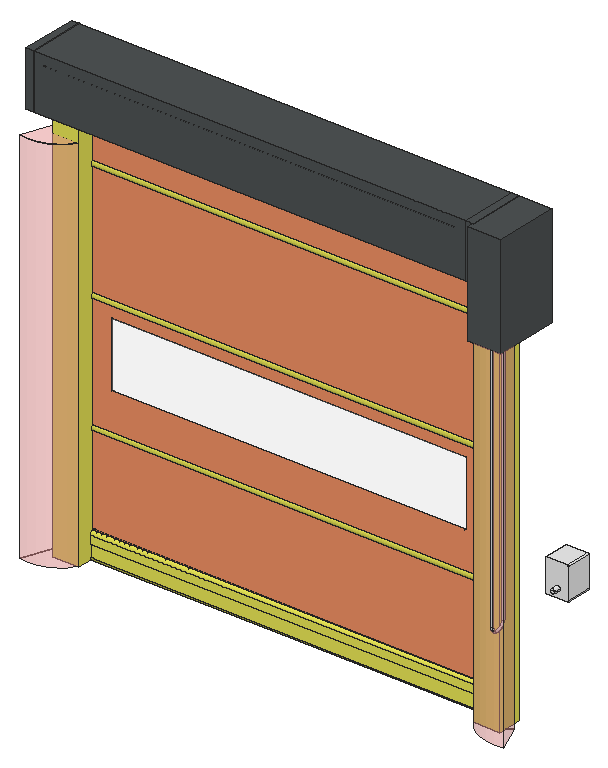
Revit family "Doors_Industrial_Wayne-Dalton_Strutted-Exterior-High-Speed-Fabric-Doors-Model-883-ADV-Xtreme", category Specialty Equipment, host Wall, Revit 2026 (continued)
Definition of nested family "Panel"
  Forms (in)
    Extrusion 8, solid, material <- "Window Material", visible <- "Many Window"
      sketch origin (101.02023, 0, -10) x (1, 0, 0) y (0, 0, 1)
        loop
          line (-155.02023, 78) -> (-155.02023, 58) -> (-47.02023, 58) -> (-47.02023, 78) -> (-155.02023, 78)
      from 0 to 0.16
    Extrusion 9, solid, material <- "Window Material", visible <- "Many Window"
      sketch origin (101.02023, 0, -10) x (1, 0, 0) y (0, 0, 1)
        loop
          line (-155.02023, 78) -> (-155.02023, 58) -> (-47.02023, 58) -> (-47.02023, 78) -> (-155.02023, 78)
      from 0 to 0.16
    Extrusion 10, solid, material <- "Finish Material", visible <- "Struts Array Visibility"
      sketch origin (60, -180, -12.03597) x (0, 0, -1) y (0, -1, 0)
        loop
          line (-48.85597, -179.8315) -> (-48.70666, -179.8315) -> (-48.70666, -180.0085) -> (-48.85597, -180.0085)
          spline (-48.85597, -180.0085) -> (-48.79308, -180.09146) -> (-48.69212, -180.16584) -> (-48.55813, -180.22795) -> (-48.39782, -180.27467) -> (-48.21919, -180.30367) -> (-48.03116, -180.3135) -> (-47.84313, -180.30367) -> (-47.6645, -180.27467) -> (-47.50418, -180.22795) -> (-47.3702, -180.16584) -> (-47.26924, -180.09146) -> (-47.20635, -180.0085)
          line (-47.20635, -180.0085) -> (-47.35566, -180.0085) -> (-47.35566, -179.8315) -> (-47.20635, -179.8315)
          spline (-47.20635, -179.8315) -> (-47.26924, -179.74854) -> (-47.3702, -179.67416) -> (-47.50418, -179.61205) -> (-47.6645, -179.56533) -> (-47.84313, -179.53633) -> (-48.03116, -179.5265) -> (-48.21919, -179.53633) -> (-48.39782, -179.56533) -> (-48.55813, -179.61205) -> (-48.69212, -179.67416) -> (-48.79308, -179.74854) -> (-48.85597, -179.8315)
      from 0 to 120 <- "Width"
    Extrusion 11, solid, material <- "Finish Material", visible <- "Struts 1 Visibility"
      sketch origin (0, 0, -0.15413) x (0, 1, 0) y (0, 0, 1)
        loop
          spline (-0.1685, 36.97413) -> (-0.25146, 36.91123) -> (-0.32584, 36.81027) -> (-0.38795, 36.67629) -> (-0.43467, 36.51597) -> (-0.46367, 36.33734) -> (-0.4735, 36.14931) -> (-0.46367, 35.96128) -> (-0.43467, 35.78265) -> (-0.38795, 35.62234) -> (-0.32584, 35.48835) -> (-0.25146, 35.38739) -> (-0.1685, 35.3245)
          line (-0.1685, 35.3245) -> (-0.1685, 35.47381) -> (0.0085, 35.47381) -> (0.0085, 35.3245)
          spline (0.0085, 35.3245) -> (0.09146, 35.38739) -> (0.16584, 35.48835) -> (0.22795, 35.62234) -> (0.27467, 35.78265) -> (0.30367, 35.96128) -> (0.3135, 36.14931) -> (0.30367, 36.33734) -> (0.27467, 36.51597) -> (0.22795, 36.67629) -> (0.16584, 36.81027) -> (0.09146, 36.91123) -> (0.0085, 36.97413)
          line (0.0085, 36.97413) -> (0.0085, 36.82481) -> (-0.1685, 36.82481) -> (-0.1685, 36.97413)
      from -60 to 60
    Extrusion 12, solid, material <- "Finish Material", visible <- "Struts Array Visibility", not visible
      sketch origin (60, -182.54876, -17.30986) x (0, 0, -1) y (0, -1, 0)
        loop
          line (-51.49533, -179.8315) -> (-51.34601, -179.8315) -> (-51.34601, -180.0085) -> (-51.49533, -180.0085)
          spline (-51.49533, -180.0085) -> (-51.43243, -180.09146) -> (-51.33147, -180.16584) -> (-51.19749, -180.22795) -> (-51.03717, -180.27467) -> (-50.85854, -180.30367) -> (-50.67051, -180.3135) -> (-50.48248, -180.30367) -> (-50.30385, -180.27467) -> (-50.14354, -180.22795) -> (-50.00955, -180.16584) -> (-49.90859, -180.09146) -> (-49.8457, -180.0085)
          line (-49.8457, -180.0085) -> (-49.99501, -180.0085) -> (-49.99501, -179.8315) -> (-49.8457, -179.8315)
          spline (-49.8457, -179.8315) -> (-49.90859, -179.74854) -> (-50.00955, -179.67416) -> (-50.14354, -179.61205) -> (-50.30385, -179.56533) -> (-50.48248, -179.53633) -> (-50.67051, -179.5265) -> (-50.85854, -179.53633) -> (-51.03717, -179.56533) -> (-51.19749, -179.61205) -> (-51.33147, -179.67416) -> (-51.43243, -179.74854) -> (-51.49533, -179.8315)
      from 0 to 120 <- "Width"
    Extrusion 13, solid, material <- "Finish Material", visible <- "Struts Array Visibility"
      sketch origin (60, -180, 23.96403) x (0, 0, -1) y (0, -1, 0)
        loop
          line (-48.85597, -179.8315) -> (-48.70666, -179.8315) -> (-48.70666, -180.0085) -> (-48.85597, -180.0085)
          spline (-48.85597, -180.0085) -> (-48.79308, -180.09146) -> (-48.69212, -180.16584) -> (-48.55813, -180.22795) -> (-48.39782, -180.27467) -> (-48.21919, -180.30367) -> (-48.03116, -180.3135) -> (-47.84313, -180.30367) -> (-47.6645, -180.27467) -> (-47.50418, -180.22795) -> (-47.3702, -180.16584) -> (-47.26924, -180.09146) -> (-47.20635, -180.0085)
          line (-47.20635, -180.0085) -> (-47.35566, -180.0085) -> (-47.35566, -179.8315) -> (-47.20635, -179.8315)
          spline (-47.20635, -179.8315) -> (-47.26924, -179.74854) -> (-47.3702, -179.67416) -> (-47.50418, -179.61205) -> (-47.6645, -179.56533) -> (-47.84313, -179.53633) -> (-48.03116, -179.5265) -> (-48.21919, -179.53633) -> (-48.39782, -179.56533) -> (-48.55813, -179.61205) -> (-48.69212, -179.67416) -> (-48.79308, -179.74854) -> (-48.85597, -179.8315)
      from 0 to 120 <- "Width"
    Extrusion 14, solid, material <- "Finish Material", visible <- "Struts Array Visibility"
      sketch origin (60, -180, 59.96403) x (0, 0, -1) y (0, -1, 0)
        loop
          line (-48.85597, -179.8315) -> (-48.70666, -179.8315) -> (-48.70666, -180.0085) -> (-48.85597, -180.0085)
          spline (-48.85597, -180.0085) -> (-48.79308, -180.09146) -> (-48.69212, -180.16584) -> (-48.55813, -180.22795) -> (-48.39782, -180.27467) -> (-48.21919, -180.30367) -> (-48.03116, -180.3135) -> (-47.84313, -180.30367) -> (-47.6645, -180.27467) -> (-47.50418, -180.22795) -> (-47.3702, -180.16584) -> (-47.26924, -180.09146) -> (-47.20635, -180.0085)
          line (-47.20635, -180.0085) -> (-47.35566, -180.0085) -> (-47.35566, -179.8315) -> (-47.20635, -179.8315)
          spline (-47.20635, -179.8315) -> (-47.26924, -179.74854) -> (-47.3702, -179.67416) -> (-47.50418, -179.61205) -> (-47.6645, -179.56533) -> (-47.84313, -179.53633) -> (-48.03116, -179.5265) -> (-48.21919, -179.53633) -> (-48.39782, -179.56533) -> (-48.55813, -179.61205) -> (-48.69212, -179.67416) -> (-48.79308, -179.74854) -> (-48.85597, -179.8315)
      from 0 to 120 <- "Width"
  Cuts and joins
    Extrusion 3, Extrusion 4, Extrusion 5 cuts Extrusion 1
  Dimensions and locks (in)
    equal spacing: plane 5, plane 3 "Center (Left/Right)", plane 6
    "Width": plane 5 to plane 6
    "Height Real": plane 4 to level
    locked: plane 7 to plane 5 at 8
    locked: plane 6 to plane 8 at 8
    "Window Height": plane 12 to plane 11
    locked: Extrusion 1 sketch curve to level at 0.5
    locked: Extrusion 6 sketch curve to level at 0.5
    locked: plane 7 to plane 9 at 14
    locked: plane 8 to plane 10 at 14
    "1 Window Offset": plane 5 to plane 14
    equal spacing: Extrusion 3 sketch curve, plane 14, Extrusion 3 sketch curve
    "Window Width": Extrusion 3 sketch curve to Extrusion 3 sketch curve
    "Window Width": plane 9 to Extrusion 4 sketch curve
    "Window Width": plane 10 to Extrusion 5 sketch curve
    equal spacing: Extrusion 2 sketch curve, plane 3 "Center (Left/Right)", Extrusion 2 sketch curve
    "Window Width": Extrusion 2 sketch curve to Extrusion 2 sketch curve
    equal spacing: plane 12, plane 15, plane 11
    equal spacing: Extrusion 7 sketch curve, plane 3 "Center (Left/Right)", cut or joined group of Extrusion 1, Extrusion 3, Extrusion 4, Extrusion 5
    "Window Width": Extrusion 7 sketch curve to Extrusion 7 sketch curve
    "Window Width": Extrusion 8 sketch curve to Extrusion 8 sketch curve
    "Window Width": Extrusion 9 sketch curve to Extrusion 9 sketch curve
    group 1 to group 2 = 0"  (x3)
    locked: plane 11 to level at 48
    locked: plane 16 to level at 36.82
    locked: plane 17 to plane 16 at 36
    equal spacing: group 6, group 5, group 4
    equal spacing: group 4, group 5, group 6  (x2)
    aligned and locked: plane 2 to level
    aligned and locked: Extrusion 1 sketch curve to plane 5
    aligned and locked: Extrusion 1 sketch curve to plane 6
    aligned and locked: Extrusion 1 sketch curve to plane 4
    aligned and locked: Extrusion 2 sketch curve to plane 12
    aligned and locked: Extrusion 2 sketch curve to plane 11
    aligned and locked: Extrusion 4 sketch curve to plane 12
    aligned and locked: Extrusion 4 sketch curve to plane 11
    aligned and locked: Extrusion 4 sketch curve to plane 9
    aligned and locked: Extrusion 5 sketch curve to plane 10
    aligned and locked: Extrusion 5 sketch curve to plane 12
    aligned and locked: Extrusion 5 sketch curve to plane 11
    aligned and locked: Extrusion 6 sketch curve to plane 5
    aligned and locked: Extrusion 6 sketch curve to plane 6
    aligned and locked: Extrusion 6 sketch curve to plane 4
    aligned and locked: Extrusion 3 sketch curve to plane 12
    aligned and locked: plane 11 to Extrusion 3 sketch curve
    aligned and locked: Extrusion 6 to plane 6
    aligned and locked: Extrusion 6 to plane 5
    aligned and locked: Extrusion 7 sketch curve to plane 12
    aligned and locked: plane 11 to Extrusion 7 sketch curve
    aligned and locked: plane 9 to Extrusion 8
    aligned and locked: plane 10 to Extrusion 9
    aligned and locked: Extrusion 9 to plane 11
    aligned and locked: Extrusion 8 to plane 11
    aligned and locked: Extrusion 11 to plane 6
    aligned and locked: plane 5 to Extrusion 11
    aligned and locked: Extrusion 10 to plane 16
    aligned and locked: Extrusion 13 to plane 17
    aligned and locked: Extrusion 11 to plane 16
    aligned and locked: Extrusion 10 to plane 6
    aligned and locked: Extrusion 13 to plane 6
  Automatic sketch dimensions
    Extrusion 8 sketch curve to Extrusion 8 sketch curve = 20"
    Extrusion 9 sketch curve to Extrusion 9 sketch curve = 20"
    Extrusion 12 sketch curve to Extrusion 12 sketch curve = 0"  (x4)
    Extrusion 12 sketch curve to Extrusion 12 sketch curve = 0.14931"  (x3)
    Extrusion 12 sketch curve to Extrusion 12 sketch curve = 1.351"
    Extrusion 12 sketch curve to Extrusion 12 sketch curve = 0.177"  (x2)
    Extrusion 12 sketch curve to Extrusion 12 sketch curve = 0.305"
    Extrusion 12 sketch curve to Extrusion 12 sketch curve = 0.3935"
    plane 1 "Center (Front/Back)" to Extrusion 11 sketch curve = 0.1685"
    Extrusion 11 sketch curve to Extrusion 11 sketch curve = 0"  (x4)
    Extrusion 11 sketch curve to Extrusion 11 sketch curve = 0.177"  (x2)
    Extrusion 11 sketch curve to plane 16 = 1.64963"
    Extrusion 11 sketch curve to Extrusion 11 sketch curve = 0.14931"  (x3)
    Extrusion 11 sketch curve to Extrusion 11 sketch curve = 1.351"
    Extrusion 11 sketch curve to Extrusion 11 sketch curve = 0.0885"
    Extrusion 11 sketch curve to Extrusion 11 sketch curve = 0.3935"
    Extrusion 10 sketch curve to Extrusion 10 sketch curve = 0"  (x4)
    Extrusion 10 sketch curve to Extrusion 10 sketch curve = 0.14931"  (x3)
    Extrusion 10 sketch curve to Extrusion 10 sketch curve = 1.351"
    Extrusion 10 sketch curve to Extrusion 10 sketch curve = 0.177"  (x2)
    Extrusion 10 sketch curve to Extrusion 10 sketch curve = 0.305"
    Extrusion 10 sketch curve to Extrusion 10 sketch curve = 0.3935"
    Extrusion 13 sketch curve to Extrusion 13 sketch curve = 0"  (x4)
    Extrusion 13 sketch curve to Extrusion 13 sketch curve = 0.14931"  (x3)
    Extrusion 13 sketch curve to Extrusion 13 sketch curve = 1.351"
    Extrusion 13 sketch curve to Extrusion 13 sketch curve = 0.177"  (x2)
    Extrusion 13 sketch curve to Extrusion 13 sketch curve = 0.305"
    Extrusion 13 sketch curve to Extrusion 13 sketch curve = 0.3935"
    Extrusion 14 sketch curve to Extrusion 14 sketch curve = 0"  (x4)
    Extrusion 14 sketch curve to Extrusion 14 sketch curve = 0.14931"  (x3)
    Extrusion 14 sketch curve to Extrusion 14 sketch curve = 1.351"
    Extrusion 14 sketch curve to Extrusion 14 sketch curve = 0.177"  (x2)
    Extrusion 14 sketch curve to Extrusion 14 sketch curve = 0.305"
    Extrusion 14 sketch curve to Extrusion 14 sketch curve = 0.3935"
Types (7): name | Three Phase Controller | One Phase Controller | External Transformer | Voltage | Number of Poles | Apparent Load Phase 3 | Apparent Load Phase 2 | Apparent Load Phase 1
  115 volts, one phase, 60 Hz (110-120V range) | no | yes | no | 115 V | 1 | 0 VA | 0 VA | 2300 VA
  208 volts, one phase, 60 Hz (190-207V range) | no | yes | yes | 208 V | 1 | 0 VA | 0 VA | 4160 VA
  208 volts, three phase, 60 Hz (190-207 V range) | yes | no | yes | 208 V | 3 | 2401.78 VA | 2401.78 VA | 2401.78 VA
  230 volts, one phase, 60 Hz (208-245V range) | no | yes | no | 230 V | 1 | 0 VA | 0 VA | 4600 VA
  230 volts, three phase, 60 Hz (208-245 V range) | yes | no | no | 230 V | 3 | 2655.81 VA | 2655.81 VA | 2655.81 VA
  460 volts, three phase, 60 Hz (456-495 V range) | yes | no | no | 460 V | 3 | 5311.62 VA | 5311.62 VA | 5311.62 VA
  575 volts, three phase, 60 Hz | yes | no | yes | 575 V | 3 | 6639.53 VA | 6639.53 VA | 6639.53 VA
